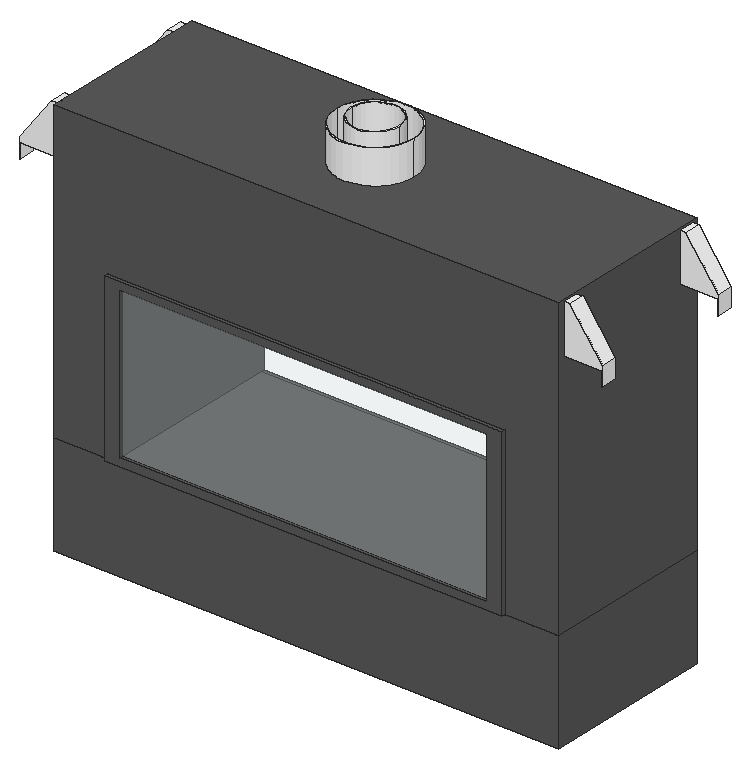
Revit family "D36ST", category Generic Models, Revit 2019
Family settings
  Can host rebar = No
  Round Connector Dimension = Use Diameter
  Part Type = Normal
  Work Plane-Based = No
  Always vertical = Yes
  Cut with Voids When Loaded = No
  Shared = No
  Room Calculation Point = No
Parameters
  Width = 17 3/4"
  URL = "https://www.montigo.com/"
  Model = ""
  Manufacturer Fax = ""
  Manufacturer Website = "https://www.montigo.com/"
  Manufacturer Phone - Toll Free = "800-378-3115"
  Manufacturer Phone = ""
  Manufacturer Address = "27342 Gloucester Way  Langley, BC, Canada   V4W 4A1"
  Manufacturer = "Montigo"
  Length = 51 7/8"
  Keynote = ""
  Glazing Tint = Glass - Montigo - Tint as Specified
  Frame Material = Metal - Montigo - Black
  Firebox Material = Metal - Montigo - White
  Fire Place Length = 40 3/4"
  Fire Place Height = 41"
  Fire Place - Opening = 17"
  Description = "Montigo Fireplace as Specified"
  Base Height = 10 3/8"
Reference planes (in)
  plane 1 "Center (Front/Back)": y = 0
  plane 2: z = 0
  plane 3 "Center (Left/Right)": x = 0
  plane 4: x = -25.9375
  plane 5: x = 25.9375
  plane 6: y = 8.875
  plane 7: y = -8.875
  plane 8: z = 10.375
  plane 9: z = 27.375
  plane 10: z = 41
  plane 11: x = -20.375
  plane 12: x = 20.375
Forms (in)
  Extrusion 1, solid, material "Metal - Montigo - Black" <- "Frame Material"
    sketch origin (0, 0, 0) x (1, 0, 0) y (0, 1, 0)
      loop
        line (-25.9375, 8.875) -> (-25.9375, -8.875) -> (25.9375, -8.875) -> (25.9375, 8.875) -> (-25.9375, 8.875)
    from 0 to 10.375
  Extrusion 2, solid, material "Metal - Montigo - Black" <- "Frame Material"
    sketch origin (0, 0, 0) x (1, 0, 0) y (0, 1, 0)
      loop
        line (-25.9375, 8.875) -> (-25.9375, -8.875) -> (25.9375, -8.875) -> (25.9375, 8.875) -> (-25.9375, 8.875)
    from 10.375 to 41
  Extrusion 3, solid, material "Metal - Montigo - Black" <- "Frame Material"
    sketch origin (0, 0, 0) x (1, 0, 0) y (0, 0, 1)
      loop
        line (-20.375, 27.375) -> (-20.375, 10.375) -> (20.375, 10.375) -> (20.375, 27.375) -> (-20.375, 27.375)
      loop
        line (18.875, 26.625) -> (-18.875, 26.625) -> (-18.875, 11.125) -> (18.875, 11.125) -> (18.875, 26.625)
    from -9.25 to 9.25
  Extrusion 4, void
    sketch origin (0, 0, 0) x (1, 0, 0) y (0, 0, 1)
      loop
        line (-20.375, 27.375) -> (-20.375, 10.375) -> (20.375, 10.375) -> (20.375, 27.375) -> (-20.375, 27.375)
    from -12.26802 to 12
  Extrusion 5, solid, material "Glass - Montigo - Tint as Specified" <- "Glazing Tint"
    sketch origin (0, 0, 0) x (1, 0, 0) y (0, 1, 0)
      loop
        line (-18.875, 8.875) -> (-18.875, -8.875) -> (18.875, -8.875) -> (18.875, 8.875) -> (-18.875, 8.875)
    from 11.125 to 26.625
  Extrusion 6, solid, material "Metal - Montigo - White" <- "Firebox Material"
    sketch origin (145.25717, 0, -10.13625) x (1, 0, 0) y (0, 0, 1)
      loop
        line (-119.31967, 51.03625) -> (-119.31967, 46.03625) -> (-115.38867, 46.03625) -> (-115.38867, 44.53625) -> (-115.32867, 44.53625) -> (-115.32867, 46.50338) -> (-118.65867, 51.03625) -> (-119.31967, 51.03625)
    from 6.65959 to 8.25
  Extrusion 7, solid, material "Metal - Montigo - White" <- "Firebox Material"
    sketch origin (145.25717, 0, -10.13625) x (1, 0, 0) y (0, 0, -1)
      loop
        line (-119.31967, -51.03625) -> (-118.65867, -51.03625) -> (-115.32867, -46.50338) -> (-115.32867, -44.53625) -> (-115.38867, -44.53625) -> (-115.38867, -46.03625) -> (-119.31967, -46.03625) -> (-119.31967, -51.03625)
    from 6.65959 to 8.25
  Extrusion 8, solid, material "Metal - Montigo - White" <- "Firebox Material"
    sketch origin (-145.25717, 0, -10.13625) x (-1, 0, 0) y (0, 0, -1)
      loop
        line (-119.31967, -51.03625) -> (-118.65867, -51.03625) -> (-115.32867, -46.50338) -> (-115.32867, -44.53625) -> (-115.38867, -44.53625) -> (-115.38867, -46.03625) -> (-119.31967, -46.03625) -> (-119.31967, -51.03625)
    from 6.65959 to 8.25
  Extrusion 9, solid, material "Metal - Montigo - White" <- "Firebox Material"
    sketch origin (-145.25717, 0, -10.13625) x (-1, 0, 0) y (0, 0, 1)
      loop
        line (-119.31967, 51.03625) -> (-119.31967, 46.03625) -> (-115.38867, 46.03625) -> (-115.38867, 44.53625) -> (-115.32867, 44.53625) -> (-115.32867, 46.50338) -> (-118.65867, 51.03625) -> (-119.31967, 51.03625)
    from 6.65959 to 8.25
Cuts and joins
  Extrusion 4 cuts Extrusion 2
Dimensions and locks (in)
  equal spacing: plane 6, plane 1 "Center (Front/Back)", plane 7
  "Width": plane 6 to plane 7
  "Length": plane 4 to plane 5
  equal spacing: plane 4, plane 3 "Center (Left/Right)", plane 5
  "Base Height": plane 8 to plane 2
  "Fire Place - Opening": plane 9 to plane 8
  "Fire Place Height": plane 10 to plane 2
  "Fire Place Length": plane 12 to plane 11
  equal spacing: plane 12, plane 3 "Center (Left/Right)", plane 11
  aligned and locked: level to plane 2
  aligned and locked: plane 6 to Extrusion 1
  aligned and locked: plane 7 to Extrusion 1
  aligned and locked: Extrusion 1 to plane 4
  aligned and locked: Extrusion 1 to plane 5
  aligned and locked: plane 8 to Extrusion 1
  aligned and locked: plane 10 to Extrusion 2
  aligned and locked: Extrusion 2 to plane 8
  aligned and locked: Extrusion 3 sketch curve to plane 9
  aligned and locked: plane 8 to Extrusion 3 sketch curve
  aligned and locked: Extrusion 4 to plane 11
  aligned and locked: Extrusion 4 to plane 12
  aligned and locked: Extrusion 4 sketch curve to plane 9
  aligned and locked: plane 8 to Extrusion 4 sketch curve
  aligned and locked: plane 12 to Extrusion 4 sketch curve
  aligned and locked: plane 11 to Extrusion 4 sketch curve
  aligned and locked: Extrusion 5 sketch curve to plane 6
  aligned and locked: Extrusion 5 sketch curve to plane 7
  aligned and locked: nested 1 to plane 1 "Center (Front/Back)"
  aligned and locked: nested 1 to plane 3 "Center (Left/Right)"
Automatic sketch dimensions
  Extrusion 1 sketch curve to plane 4 = 0"
  Extrusion 1 sketch curve to plane 5 = 0"
  plane 7 to Extrusion 1 sketch curve = 0"
  Extrusion 1 sketch curve to plane 6 = 0"
  Extrusion 2 sketch curve to plane 4 = 0"
  Extrusion 2 sketch curve to plane 5 = 0"
  plane 7 to Extrusion 2 sketch curve = 0"
  Extrusion 2 sketch curve to plane 6 = 0"
  plane 5 to Extrusion 6 sketch curve = 0"
  Extrusion 6 sketch curve to plane 10 = 0.1"
  Extrusion 6 sketch curve to plane 5 = 0.661"
  Extrusion 6 sketch curve to plane 5 = 3.93101"
  Extrusion 6 sketch curve to Extrusion 6 sketch curve = 0.06"
  Extrusion 6 sketch curve to plane 10 = 4.63287"
  Extrusion 6 sketch curve to Extrusion 6 sketch curve = 0.46713"
  Extrusion 6 sketch curve to Extrusion 6 sketch curve = 1 1/2"
  plane 5 to Extrusion 7 sketch curve = 0"
  Extrusion 7 sketch curve to plane 10 = 0.1"
  Extrusion 7 sketch curve to plane 5 = 0.661"
  Extrusion 7 sketch curve to plane 5 = 3.93101"
  Extrusion 7 sketch curve to Extrusion 7 sketch curve = 0.06"
  Extrusion 7 sketch curve to plane 10 = 4.63287"
  Extrusion 7 sketch curve to Extrusion 7 sketch curve = 0.46713"
  Extrusion 7 sketch curve to Extrusion 7 sketch curve = 1 1/2"
  Extrusion 8 sketch curve to plane 4 = 0"
  plane 10 to Extrusion 8 sketch curve = 0.1"
  plane 4 to Extrusion 8 sketch curve = 0.661"
  plane 4 to Extrusion 8 sketch curve = 3.93101"
  Extrusion 8 sketch curve to Extrusion 8 sketch curve = 0.06"
  plane 10 to Extrusion 8 sketch curve = 4.63287"
  Extrusion 8 sketch curve to Extrusion 8 sketch curve = 0.46713"
  Extrusion 8 sketch curve to Extrusion 8 sketch curve = 1 1/2"
  Extrusion 9 sketch curve to plane 4 = 0"
  Extrusion 9 sketch curve to plane 10 = 0.1"
  Extrusion 9 sketch curve to plane 4 = 0.661"
  Extrusion 9 sketch curve to plane 4 = 3.93101"
  Extrusion 9 sketch curve to Extrusion 9 sketch curve = 0.06"
  Extrusion 9 sketch curve to plane 10 = 4.63287"
  Extrusion 9 sketch curve to Extrusion 9 sketch curve = 0.46713"
  Extrusion 9 sketch curve to Extrusion 9 sketch curve = 1 1/2"
  plane 11 to Extrusion 3 sketch curve = 1 1/2"
  Extrusion 3 sketch curve to plane 9 = 3/4"
  plane 8 to Extrusion 3 sketch curve = 3/4"
  plane 12 to Extrusion 3 sketch curve = 1 1/2"
  plane 12 to Extrusion 3 sketch curve = 0"
  plane 12 to Extrusion 5 sketch curve = 1 1/2"
  Extrusion 3 sketch curve to plane 11 = 0"
  plane 11 to Extrusion 5 sketch curve = 1 1/2"
Nested families (in)
  nested 1: "Duct Dia" at (0, 0, 41) x (-1, 0, 0) z (0, 0, 1), type "5""
    with Intake Duct Dia 5", Intake Diameter 4 7/8", Height 4 1/8"
  nested 2: "Duct Dia" at (0, 0, 41) x (-1, 0, 0) z (0, 0, 1), type "8""
    with Intake Duct Dia 8", Intake Diameter 7 7/8", Height 3 1/2"
Connectors (in)
  hvac at (0, 0, 45.125)
    settings: on nested 1, index 2, duct flow 0.0 L/s, flow factor 0, pres drop 0.0 Pa, loss coef 0, conn angle 0.00°, conn width 304.8 mm, conn height 304.8 mm, conn diameter 127 mm, duct sys type 3, conn prof type 0, flow config 0, flow direction 0, loss method 0, conn ref index -1, conn util no, is conn primary yes, conn desc ""
  hvac at (0, 0, 44.5)
    settings: on nested 2, index 3, duct flow 0.0 L/s, flow factor 0, pres drop 0.0 Pa, loss coef 0, conn angle 0.00°, conn width 304.8 mm, conn height 304.8 mm, conn diameter 203.2 mm, duct sys type 3, conn prof type 0, flow config 0, flow direction 0, loss method 0, conn ref index -1, conn util no, is conn primary no, conn desc ""
Definition of nested family "Duct Dia"
  Parameters (values of type "15 7/8" Dia.")
    Intake Duct Dia = 15 7/8"
    Intake Diameter = Intake Duct Dia - 1/8"  # 15 3/4"
    Height = 4"
    Firebox Material = none
    Default Elevation = 48"
  Types (12): name | Intake Duct Dia | Intake Diameter | Height
    9 7/8" Dia. | 9 7/8" | 9 3/4" | 4"
    7 7/8" Dia | 7 7/8" | 7 3/4" | 4"
    8 1/8" Dia | 8 1/8" | 8" | 1/4"
    11 3/4" Dia | 11 3/4" | 11 5/8" | 4"
    4" Dia | 10" | 9 7/8" | 4"
    7 3/4" Dia | 7 3/4" | 7 5/8" | 4"
    6 7/8" Dia | 6 7/8" | 6 3/4" | 1/4"
    9 3/4" Dia. | 9 3/4" | 9 5/8" | 4"
    7 1/8" Dia | 7 1/8" | 7" | 1/4"
    11 7/8" Dia. | 11 7/8" | 11 3/4" | 4"
    13 7/8" Dia. | 13 7/8" | 13 3/4" | 4"
    15 7/8" Dia. | 15 7/8" | 15 3/4" | 4"
  Reference planes (in)
    plane 1 "Center (Front/Back)": y = 0
    plane 2: z = 0
    plane 3 "Center (Left/Right)": x = 0
    plane 4: z = 4
  Forms (in)
    Extrusion 1, solid
      sketch origin (0, 0, 0) x (1, 0, 0) y (0, 1, 0)
        loop
          line (-48, 48) -> (-48, -48) -> (48, -48) -> (48, 48) -> (-48, 48)
      from 0 to -12
    Extrusion 2, solid, material <- "Firebox Material"
      sketch origin (0, 0, 0) x (1, 0, 0) y (0, 1, 0)
        loop
          circle (0, 0) r 7.9375
        loop
          circle (0, 0) r 7.875
      from 0 to 4
  Dimensions and locks (in)
    "Height": plane 4 to level
    "Intake Duct Dia": diameter of Extrusion 2 sketch curve
    "Intake Diameter": diameter of Extrusion 2 sketch curve
    aligned and locked: plane 2 to Extrusion 1
    aligned and locked: level to Extrusion 1
    aligned and locked: plane 4 to Extrusion 2
  Automatic sketch dimensions
    Extrusion 1 sketch curve to Extrusion 1 sketch curve = 96"  (x2)
    Extrusion 2 sketch curve to Extrusion 2 sketch curve = 0"  (x2)
    plane 1 "Center (Front/Back)" to Extrusion 2 sketch curve = 0"
    Extrusion 2 sketch curve to plane 3 "Center (Left/Right)" = 0"
